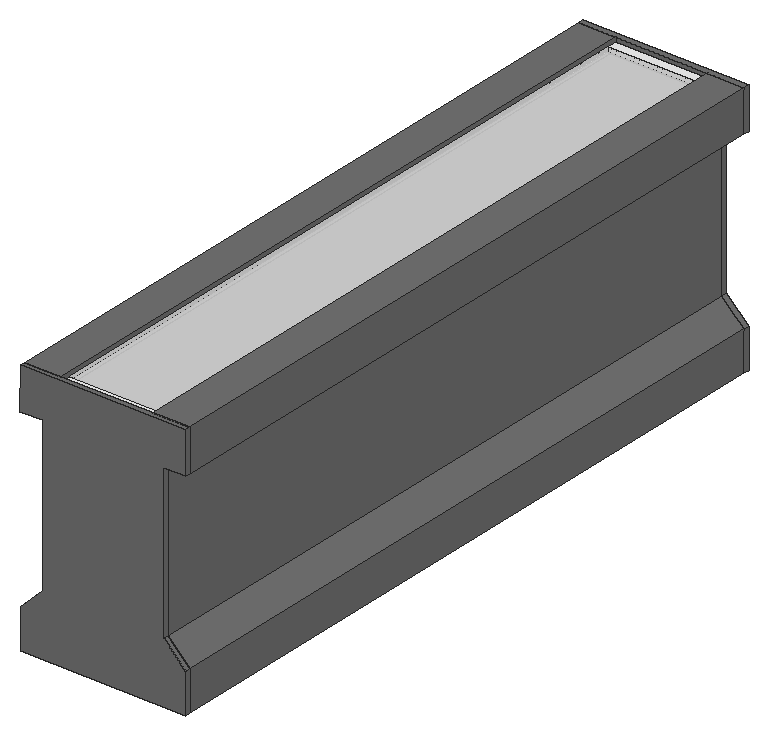
Revit family "acdc BLADE", category Lighting Fixtures, Revit 2018
Family settings
  Round Connector Dimension = Use Diameter
  Part Type = Normal
  Work Plane-Based = Yes
  Always vertical = No
  Cut with Voids When Loaded = Yes
  Light Source = Yes
  Shared = No
  Room Calculation Point = No
Parameters (values of type "BL LRI L03 1200-830 M ABK LF 0 67 HFX")
  Width = 80 mm  # constant formula
  Wattage = 4.91444 W
  built-in parameter 1150110 = 1 (stored number, unit not read)
  Voltage = 230 V  # constant formula
  URL = "https://www.acdclighting.com/"
  Type Comments = "© Zumtobel. We reserve the right to make technical changes without prior notice."  # constant formula
  built-in parameter 1114217 = 1 (stored number, unit not read)
  Tilt Angle = -90.00°
  built-in parameter 1150109 = 1 (stored number, unit not read)
  built-in parameter 1150134 = 12
  built-in parameter 1150113 = 1 (stored number, unit not read)
  Photometric Web File = "acdc_BL_LRI_L03_1200-830_M_LF_0.ies"
  Manufacturer = "acdc Lighting"  # constant formula
  built-in parameter 1150105 = 58.092 (stored number, unit not read)
  Lumens = 730 lm
  built-in parameter 1150115 = 1 (stored number, unit not read)
  built-in parameter 1150137 = (empty or 0)
  built-in parameter 1150139 = (empty or 0)
  Length = 336 mm
  built-in parameter 1150112 = 1 (stored number, unit not read)
  built-in parameter 1150114 = 1 (stored number, unit not read)
  built-in parameter 1150132 = 2
  built-in parameter 1150102 = (empty or 0)
  built-in parameter 1150107 = 4000 (stored number, unit not read)
  built-in parameter 1150138 = (empty or 0)
  built-in parameter 1150106 = 0.58092 (stored number, unit not read)
  Height = 124 mm  # constant formula
  Frame = acdc_Metal_Aluminium
  End Cover Front [instance] = yes
  End Cover Back [instance] = yes
  Emit from Rectangle Width = 609.6 mm
  Emit from Rectangle Length = 1219.2 mm
  Emit Shape Visible in Rendering = no
  built-in parameter 1150104 = 13.8 (stored number, unit not read)
  Dimming Lamp Color Temperature Shift = <None>
  Default Elevation = 0 mm
  Cut Offset Front [instance] = if(End Cover Front, 3 mm, 0 mm)  # 3 mm
  Cut Offset Back [instance] = if(End Cover Back, 3 mm, 0 mm)  # 3 mm
  Cover = acdc_Cover_Self_llumination
  Color Filter = 16777215
  Body = acdc_Metal_Black
  built-in parameter 1114218 = 1 (stored number, unit not read)
  built-in parameter 1150133 = 10 (stored number, unit not read)
  Apparent Load = 18 VA
Reference planes
  plane 1 "Center (Front/Back)": y = 0
  plane 2: z = 0
  plane 3 "Center (Left/Right)": x = 0
  plane 4: x = -40
  plane 5: x = 40
  plane 6: x = -22.3
  plane 7: x = 22.3
  plane 8: y = 168
  plane 9: y = -168
  plane 10: x = -40
  plane 11: x = 40
  plane 12: x = -22.3
  plane 13: x = 22.3
  plane 14: z = -2
  plane 15 "Front": y = 170.5
  plane 16 "Back": y = -170.5
  plane 17: z = -124
  plane 18: y = 171
  plane 19: y = -171
Forms (mm)
  Extrusion 1, solid, material "acdc_Metal_Black" <- "Body"
    sketch origin (0, 0, -124) x (1, 0, 0) y (0, 0, 1)
      loop
        line (-22.3, 124) -> (-40, 124) -> (-40, 103.85) -> (-29.3, 103.85) -> (-29.3, 29.843) -> (-40, 19.143) -> (-40, 0) -> (40, 0) -> (40, 19.143) -> (29.3, 29.843) -> (29.3, 103.85) -> (40, 103.85) -> (40, 124) -> (22.3, 124) -> (22.3, 122) -> (27.3, 122) -> (27.3, 116) -> (-27.3, 116) -> (-27.3, 122) -> (-22.3, 122) -> (-22.3, 124)
    from -168 to 168
  Extrusion 2, solid, material "acdc_Metal_Aluminium" <- "Frame"
    sketch origin (0, 0, 0) x (1, 0, 0) y (0, 1, 0)
      loop
        line (-27.3, 168) -> (-27.3, -168) -> (27.3, -168) -> (27.3, 168) -> (-27.3, 168)
      loop
        line (-22.3, -163) -> (22.3, -163) -> (22.3, 163) -> (-22.3, 163) -> (-22.3, -163)
    from -4 to -2
  Extrusion 3, solid, material "acdc_Cover_Self_llumination" <- "Cover"
    sketch origin (0, 0, 0) x (1, 0, 0) y (0, 1, 0)
      loop
        line (-22.3, 168) -> (-22.3, -168) -> (22.3, -168) -> (22.3, 168) -> (-22.3, 168)
    from -4 to -6
  Extrusion 4, solid, material "acdc_Metal_Black" <- "Body", visible <- "End Cover Back"
    sketch origin (0, -140, -124) x (1, 0, 0) y (0, 0, 1)
      loop
        line (40, 124) -> (-40, 124) -> (-40, 103.85) -> (-29.3, 103.85) -> (-29.3, 29.843) -> (-40, 19.143) -> (-40, 0) -> (40, 0) -> (40, 19.143) -> (29.3, 29.843) -> (29.3, 103.85) -> (40, 103.85) -> (40, 124)
    from 28 to 30.5
  Extrusion 5, solid, material "acdc_Metal_Black" <- "Body", visible <- "End Cover Front"
    sketch origin (0, 140, -124) x (1, 0, 0) y (0, 0, -1)
      loop
        line (40, -124) -> (40, -103.85) -> (29.3, -103.85) -> (29.3, -29.843) -> (40, -19.143) -> (40, 0) -> (-40, 0) -> (-40, -19.143) -> (-29.3, -29.843) -> (-29.3, -103.85) -> (-40, -103.85) -> (-40, -124) -> (40, -124)
    from 28 to 30.5
  Extrusion 6, void
    sketch origin (0, 0, 0) x (1, 0, 0) y (0, 1, 0)
      loop
        line (-40, 171) -> (-40, -171) -> (40, -171) -> (40, 171) -> (-40, 171)
    from 0 to -124
Dimensions and locks
  equal spacing: plane 8, plane 1 "Center (Front/Back)", plane 9
  "Length": plane 8 to plane 9
  locked: plane 15 "Front" to plane 8 at 2.5
  locked: plane 9 to plane 16 "Back" at 2.5
  "Cut Offset Front": plane 18 to plane 8
  "Cut Offset Back": plane 9 to plane 19
  locked: plane 2 to plane 17 at 124
  aligned and locked: level to plane 2
  aligned and locked: plane 9 to Extrusion 2 sketch curve
  aligned and locked: Extrusion 2 sketch curve to plane 8
  aligned and locked: Extrusion 3 sketch curve to plane 8
  aligned and locked: plane 9 to Extrusion 3 sketch curve
  aligned and locked: plane 8 to Extrusion 1
  aligned and locked: Extrusion 1 to plane 9
  aligned and locked: plane 9 to Extrusion 4
  aligned and locked: plane 16 "Back" to Extrusion 4
  aligned and locked: Extrusion 5 to plane 8
  aligned and locked: plane 15 "Front" to Extrusion 5
  aligned and locked: plane 10 to Extrusion 6 sketch curve
  aligned and locked: Extrusion 6 sketch curve to plane 11
  aligned and locked: Extrusion 6 to plane 17
  aligned and locked: Extrusion 6 sketch curve to plane 18
  aligned and locked: plane 19 to Extrusion 6 sketch curve
  aligned and locked: plane 2 to Extrusion 4 sketch curve
  aligned and locked: plane 2 to Extrusion 5 sketch curve
Automatic sketch dimensions
  plane 4 to Extrusion 1 sketch curve = 0 mm
  Extrusion 1 sketch curve to plane 4 = 0 mm
  Extrusion 1 sketch curve to plane 6 = 0 mm
  Extrusion 1 sketch curve to plane 7 = 0 mm
  Extrusion 1 sketch curve to plane 5 = 0 mm
  plane 5 to Extrusion 1 sketch curve = 0 mm
  plane 14 to Extrusion 1 sketch curve = 2 mm  (x2)
  Extrusion 1 sketch curve to plane 6 = 7 mm
  Extrusion 1 sketch curve to plane 14 = 0 mm  (x2)
  Extrusion 1 sketch curve to Extrusion 1 sketch curve = 5 mm
  plane 7 to Extrusion 1 sketch curve = 5 mm
  plane 7 to Extrusion 1 sketch curve = 7 mm
  Extrusion 1 sketch curve to Extrusion 1 sketch curve = 6 mm
  Extrusion 1 sketch curve to Extrusion 1 sketch curve = 12.15 mm  (x2)
  Extrusion 1 sketch curve to Extrusion 1 sketch curve = 74.007 mm
  Extrusion 1 sketch curve to Extrusion 1 sketch curve = 0 mm
  Extrusion 1 sketch curve to Extrusion 1 sketch curve = 10.7 mm  (x2)
  Extrusion 1 sketch curve to Extrusion 1 sketch curve = 19.143 mm
  Extrusion 2 sketch curve to plane 6 = 0 mm
  Extrusion 2 sketch curve to plane 7 = 0 mm
  Extrusion 2 sketch curve to plane 6 = 5 mm
  plane 7 to Extrusion 2 sketch curve = 5 mm
  plane 9 to Extrusion 2 sketch curve = 5 mm
  Extrusion 2 sketch curve to plane 8 = 5 mm
  Extrusion 3 sketch curve to plane 6 = 0 mm
  plane 7 to Extrusion 3 sketch curve = 0 mm
  Extrusion 4 sketch curve to plane 4 = 0 mm
  plane 4 to Extrusion 4 sketch curve = 0 mm
  plane 5 to Extrusion 4 sketch curve = 0 mm
  Extrusion 4 sketch curve to plane 5 = 0 mm
  Extrusion 4 sketch curve to plane 6 = 7 mm
  plane 7 to Extrusion 4 sketch curve = 7 mm
  Extrusion 4 sketch curve to plane 14 = 18.15 mm  (x2)
  Extrusion 4 sketch curve to Extrusion 4 sketch curve = 74.007 mm
  Extrusion 4 sketch curve to Extrusion 4 sketch curve = 0 mm
  Extrusion 4 sketch curve to Extrusion 4 sketch curve = 10.7 mm  (x2)
  Extrusion 4 sketch curve to Extrusion 4 sketch curve = 19.143 mm
  Extrusion 5 sketch curve to plane 4 = 0 mm  (x2)
  Extrusion 5 sketch curve to plane 5 = 0 mm  (x2)
  Extrusion 5 sketch curve to plane 6 = 7 mm
  plane 7 to Extrusion 5 sketch curve = 7 mm
  Extrusion 5 sketch curve to plane 14 = 18.15 mm
  Extrusion 5 sketch curve to Extrusion 5 sketch curve = 20.15 mm
  Extrusion 5 sketch curve to Extrusion 5 sketch curve = 74.007 mm
  Extrusion 5 sketch curve to Extrusion 5 sketch curve = 0 mm
  Extrusion 5 sketch curve to Extrusion 5 sketch curve = 10.7 mm  (x2)
  Extrusion 5 sketch curve to Extrusion 5 sketch curve = 19.143 mm
Connectors
  electrical at (0, 0, -124), driven by "Voltage", driven by "Apparent Load"
    settings: on Extrusion 1, index 1, voltage 230 V, apparent load 18 VA, apparent load phase1 0 VA, apparent load phase2 0 VA, apparent load phase3 0 VA, power factor 1, load classification "Lighting", number of poles 1, system type 30, power factor state 1, is connector primary yes, connector utility no, sub classification motor no, connector description "Power"
